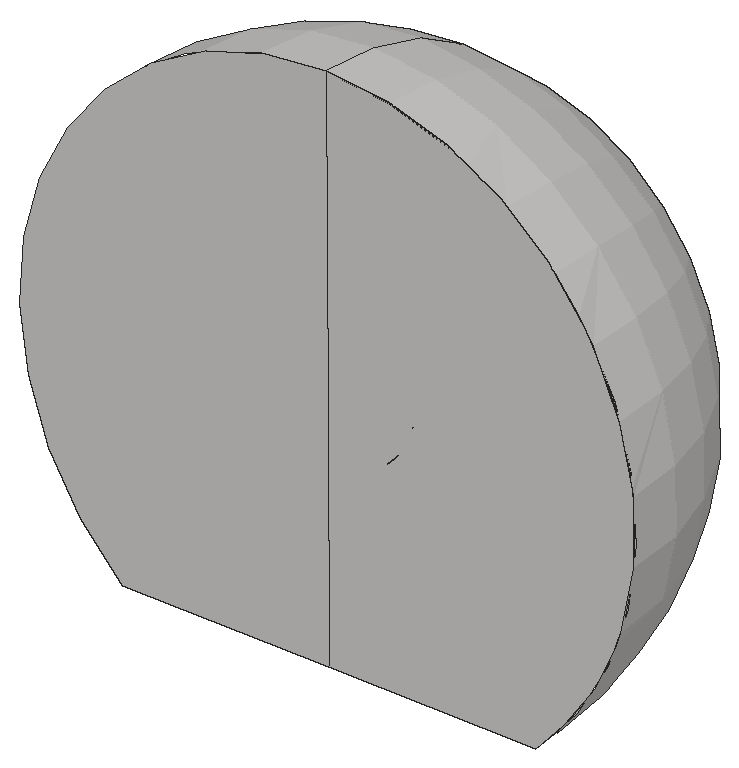
Revit family
Parameters (values of type "Type 1")
  WarrantyDurationUnit = "10 years"
  WarrantyDescription = "Any manufacturing defect"
  Version = "v1"
  SerialNumber = "3456330018920"
  Radius = 10.3 mm
  ProductInformation = "http://www.delabie.com/products/709000"
  NominalWidth = 35 mm
  NominalHeight = 60 mm
  Name = "ROUND"
  ModelNumber = "709000"
  Material = Brass
  ManufacturerURL = "http://www.delabie.com"
  ManufacturerName = "DELABIE"
  IntegralAccessoryOptions = "Mixer and valve"
  Grade = "ACS - WRAS - PZH"
  FlowRate lps = "0.10 lps at 3 bar"
  FlowRate lpm = "6 lpm at 3 bar"
  Finish = Chrome-plated
  Features  = "Recessed scale-resistant fixed shower head:\r\nFlow rate 6 lpm at 3 bar.\r\nAutomatic flow rate regulator.\r\nScale-resistant and ligature-resistant nozzle with adjustable spray that can be locked in place.\r\nChrome-plated brass.\r\nFixed with invisible blocking screw.\r\nSystematically drains after use (no water retention or impurity deposits).\r\nInlet M½\"."
  Description = "French manufacturer Delabie is a leader in the European sanitary ware market for non-domestic places. Water controls, solutions for disabled people, sanitary ware, for schools, leisure centres, offices, hospitals, airports…"
  Type Comments = "Recessed scale-resistant shower head"
  Model = "ROUND"
  Manufacturer = "DELABIE"
  URL = "http://www.delabie.com"
  Category = "Shower head"
  Assembly Code = ""
Reference planes
  plane 1 "Wall": y = 0
  plane 2 "Center (Left/Right)": x = 125
  plane 3 "Back": y = 75
  plane 4: y = 75
Forms (mm)
  Extrusion 1, solid
    sketch origin (0, 0, 0) x (1, 0, 0) y (0, 0, 1)
      loop
        circle (123.235, 1023.652) r 10
    from -75 to -96.725
  Extrusion 2, solid, not visible
    sketch origin (0, 0, 0) x (1, 0, 0) y (0, 0, 1)
      loop
        circle (123.235, 1023.652) r 10
    from -75 to -96.725
Text (mm)
  text "Placement Side" at (-1848.837, 1116.779, 0), in view "Ref. Level"
  text "Placement side" at (0, 1409.804, 2854.306), in view "Left"
  text "Placement side" at (0, 499.811, 2980.732), in view "Right"
Dimensions and locks
  locked: plane 3 "Back" to host wall
  locked: plane 3 "Back" to plane 4 at 0
  aligned and locked: plane 1 "Wall" to host wall
  aligned and locked: nested 1 to plane 4
  aligned and locked: Extrusion 1 to nested 1
Nested families
  nested 1: "709000b" at (125, 93.81, 1000) x (-1, 0, 0) z (0, 0, 1), type "709000b"
  nested 2: "709000b" at (125, 93.81, 1000) x (-1, 0, 0) z (0, 0, 1), type "709000b", not visible
Connectors
  piping at (123.235, 75, 1023.652), driven by "Radius"
    settings: on Extrusion 1, index 2, connector radius 10.3 mm, flow factor 0, pipe flow 0.1 L/s, pressure drop 0.0 Pa, fitting loss kfactor 0, connector angle 0.00°, fixture units 0, flow configuration 0, flow direction 1, fitting loss method 0, system type 19, connector reference index -1, connector utility 0, adjustable connector no, is connector primary yes, fitting loss table "", connector description "In - Mixed water"
Definition of nested family "709000b"
  Parameters (values of type "709000b")
    Assembly Code = ""
    URL = ""
    Type Comments = ""
    Technologie = ""
    Raccordement = ""
    Profondeur = ""
    Model = ""
    Matériau 4 = none
    Matériau 3 = none
    Matériau 2 = none
    Matériau 1 = Laiton massif chromé
    Manufacturer = ""
    Lien notice d'installation = ""
    Lien fiche produit = ""
    Lien certification = ""
    Lien CCTP = ""
    Largeur = ""
    Hauteur = ""
    Finition = ""
    Famille de produits = ""
    Débit = ""
    Butée de température = ""
    Alimentation = ""
  Reference planes
    plane 1 "Center (Front/Back)": y = 0
    plane 2: z = 0
    plane 3 "Center (Left/Right)": x = 0
  Forms (mm)
    Revolve 1, solid, material "Laiton massif chromé" <- "Matériau 1"
      sketch origin (1.765, -18.998, 19.12) x (0, -0.007264, 0.999974) y (0, 0.999974, 0.007264)
        loop
          arc (35, 0) -> (24.749, 24.749) -> (0, 35) r 35
          line (0, 35) -> (0, 0) -> (35, 0)
        axis (0, 0) -> (0, 35)
      angle from 0 to 360
    Extrusion 2, void
      sketch origin (1.765, -18.998, 19.12) x (0, -0.007264, 0.999974) y (0, 0.999974, 0.007264)
        loop
          line (-11.496, 35.743) -> (-37.634, 35.743) -> (-37.634, -0.399) -> (-26.099, -0.399) -> (-11.496, 35.743)
      from -37.151 to 38.916
  Cuts and joins
    Extrusion 2 cuts Revolve 1
